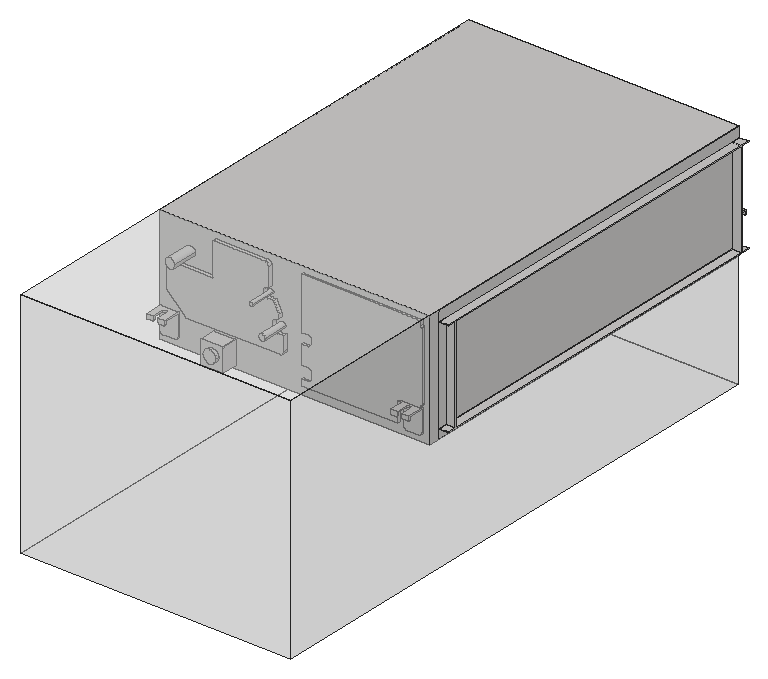
Revit family "outputfile", category 機械設備, Revit 2024
Family settings
  丸型コネクタ寸法 = 半径を使用
  パーツ タイプ = 標準
  OmniClass 番号 = 23.75.10.24.21.27.27
  OmniClass タイトル = Split System Air Conditioning Units
  作業面ベース = いいえ
  常に垂直 = はい
  ロード時にボイドで切り取り = いいえ
  注釈の向きを維持 = いいえ
  共有 = いいえ
  部屋計算ポイント = はい
Parameters (values of type "FXMQ140BFV24")
  Description = ""
  製造元 = "Daikin"
  書き出し IFC クラス(タイプ) = "IfcUnitaryEquipmentType"
  定義済み IFC タイプ(タイプ) = "AIRCONDITIONINGUNIT"
  Cost = 0
  モデル = "FXMQ140BFV24"
  Type Comments = ""
  Keynote = ""
  Type Image = (empty or 0)
  Assembly Code = ""
  w_dischargeflange = 805.0 mm
  w_suctionflange = 970.0 mm
  r_Liquid Pipe Size = Liquid Pipe Size / 2  # 4.75 mm
  r_Gas Pipe Size = Gas Pipe Size / 2  # 7.95 mm
  r_Drain Pipe Size = Drain Pipe Size / 2  # 12.5 mm
  lw_powersupply = 380.0 mm  # constant formula
  lw_mountinghole_pitch = 631.0 mm  # constant formula
  lw_mountinghole = 27.0 mm  # constant formula
  lw_maintenacesocket = 169.0 mm  # constant formula
  lw_liquidpipe = 290.0 mm  # constant formula
  lw_gaspipe = 318.0 mm  # constant formula
  lw_drainpipe = 80.0 mm  # constant formula
  lh_dischargeflange = 165.0 mm  # constant formula
  lh_powersupply = 56.0 mm  # constant formula
  lh_maintenacesocket = 40.0 mm  # constant formula
  lh_liquidpipe = 212.0 mm  # constant formula
  lh_gaspipe = 144.0 mm  # constant formula
  lh_drainpipe = 232.0 mm  # constant formula
  lh_suctionflange = 150.0 mm  # constant formula
  lh_antena = Height - lh_mountinghole + 1.0 mm  # 221.0 mm
  ld_dischargeflange = 435.0 mm
  ld_powersupply = Depth / 2  # 500.0 mm
  ld_mountinghole_pitch = 1038.0 mm
  ld_suctionflange = 513.0 mm
  h_dischargeflange = 265.0 mm  # constant formula
  lh_mountinghole = 80.0 mm  # constant formula
  h_mountinghole = [h***] + lh_mountinghole  # 80.0 mm
  h_suctionflange = 297.0 mm  # constant formula
  h*** = 0.0 mm  # constant formula
  d_dischargeflange = 25.0 mm  # constant formula
  d_pipe = 65.0 mm
  d_suctionflange = 25.0 mm  # constant formula
  Width = 700.0 mm
  Voltage_comment_50Hz = "220-240"
  Voltage_50Hz = 230 V
  Version = "ver.1.0"
  Unit Type = "Outdoor Air Processing Unit"
  Unit Mass Weight = 36.00 kg
  Unit Designation [instance] = ""
  Uniclass2015Version = "Products v1.30"
  Uniclass2015Title = "Variable refrigerant flow units"
  Uniclass2015Code = "Pr_70_65_03_94"
  URL = ""
  Total Cooling Capacity [instance] = 0.000 kW
  Supply Air Direction [instance] = yes
  Sound Pressure Level_M speed (dBA) = 34
  Sound Pressure Level_L speed (dBA) = 25
  Sound Pressure Level_H speed (dBA) = 41
  Sound Power Level_H speed (dB) = 0
  Series = "VRV Fan Coil Unit"
  Sensible Cooling Capacity [instance] = 0.000 kW
  SA Duct Size Width = 760.0 mm
  SA Duct Size Height = 215.0 mm
  Refrigerant Type = "R410A"
  Power Input (Cooling) = 0.100 kW
  Phase_50Hz = 1
  Option Accessory 3 [instance] = ""
  Option Accessory 2 [instance] = ""
  Option Accessory 1 [instance] = ""
  OA Duct Size Width = 925.0 mm
  OA Duct Size Height = 247.0 mm
  Nominal Cooling Capacity = 16.000 kW
  Minimum External Static Pressure = 50.00 Pa
  Minimum Circuit Amps_50Hz = 1.75 A
  Minimum Airflow = 618.00 m³/h
  Median Airflow = 924.00 m³/h
  Maximum Fuse Amps_50Hz = 16.0 A
  Maximum External Static Pressure = 200.00 Pa
  Maximum Airflow = 1230.00 m³/h
  Material_Casing = DAIKIN_GalvanizedSteel_Casing_indoorunit
  Load Classification = HVAC
  Liquid Pipe Size = 9.5 mm
  Link_Nested Family [instance] = ""
  IfcVersion = "0"
  IfcExportType = "AIRCONDITIONINGUNIT"
  IfcExportAs = "IfcUnitaryEquipmentType"
  Height = 300.0 mm
  Heat Exchanger Type = "Cross Fin Coil"
  Gas Pipe Size = 15.9 mm
  Frequency_50Hz = 50 Hz
  Fan Type = "Sirocco Fan"
  Fan Drive = "Direct Drive"
  FCU Tag No. [instance] = ""
  Drain Pipe Size = 25.0 mm
  Design Supply Airflow [instance] = 0.00 m³/h
  Design Outdoor Airflow [instance] = 0.00 m³/h
  Design External Static Pressure [instance] = 0.00 Pa
  Depth = 1000.0 mm
  既定の高さ = 0.0 mm
  Cooling Entering Wet Bulb Temperature [instance] = 0.00 °C
  Cooling Entering Dry Bulb Temperature [instance] = 0.00 °C
  Cooling Ambient Wet Bulb Temperature [instance] = 0.00 °C
  Cooling Ambient Dry Bulb Temperature [instance] = 0.00 °C
  Clearance visibility [instance] = yes
  Clearance Top = 0.0 mm
  Clearance Right = 0.0 mm
  Clearance Rear = 0.0 mm
  Clearance Left = 0.0 mm
  Clearance Front = 450.0 mm
  Clearance Bottom = 300.0 mm
Reference planes
  plane 1 "Center (Front/Back)": y = 0
  plane 2: z = 0
  plane 3 "Center (Left/Right)": x = 0
  plane 4 "Back": y = 500
  plane 5 "Front": y = -500
  plane 6 "Left": x = -350
  plane 7 "Right": x = 350
  plane 8 "Top": z = 0
  plane 9 "Bottom": z = -300
  plane 10: y = 500
  plane 11: y = -950
  plane 12: x = 350
  plane 13: x = -350
  plane 14: z = 0
  plane 15: z = -600
  plane 16: y = -506
  plane 17: y = -510
  plane 18: y = -541
  plane 19: y = -549
  plane 20: y = -565
  plane 21 "ld_drainpipe": x = -270
  plane 22 "ld_liquidpipe": x = -60
  plane 23 "ld_gaspipe": x = -32
  plane 24 "lh_gaspipe": z = -156
  plane 25 "lh_drainpipe": z = -68
  plane 26 "lh_liquidpipe": z = -88
  plane 27 "h_mountinghole": z = -220
  plane 28: x = -323
  plane 29: x = 308
  plane 30: y = 519
  plane 31: y = -519
  plane 32 "lh_powersuply": z = -244
  plane 33 "ld_powersupply": x = 30
  plane 34 "lh_suctionflange": z = -150
  plane 35 "ld_suctionflange": y = 13
  plane 36 "ld_dischargeflange": y = 65
  plane 37 "lh_dischargeflange": z = -135
  plane 38 "lh_maintenacesocket": z = -260
  plane 39 "lw_maintenacesocket": x = -181
Forms (mm)
  Extrusion 1, solid, material "DAIKIN_GalvanizedSteel_Casing_indoorunit" <- "Material_Casing"
    sketch origin (0, 0, 0) x (1, 0, 0) y (0, 0, 1)
      loop
        line (-350, 0) -> (-350, -300) -> (350, -300) -> (350, 0) -> (-350, 0)
    from -500 to 500
  Extrusion 2, solid, material "DAIKIN_GalvanizedSteel_Casing_indoorunit" <- "Material_Casing"
    sketch origin (0, 0, 0) x (1, 0, 0) y (0, 0, 1)
      loop
        line (23.104, -151.299) -> (41.1, -151.326)
        arc (41.1, -151.326) -> (46.767, -153.673) -> (49.114, -159.34) r 8.015
        line (49.114, -159.34) -> (49.104, -169.302)
        arc (49.104, -169.302) -> (46.761, -174.959) -> (41.104, -177.302) r 8
        line (41.104, -177.302) -> (23.104, -177.302) -> (23.104, -227.302) -> (41.104, -227.302)
        arc (41.104, -227.302) -> (46.761, -229.645) -> (49.104, -235.302) r 8
        line (49.104, -235.302) -> (49.104, -251.302)
        arc (49.104, -251.302) -> (46.761, -256.959) -> (41.104, -259.302) r 8
        line (41.104, -259.302) -> (23.104, -259.302) -> (23.104, -274.802) -> (271.104, -274.802) -> (271.104, -224.802)
        arc (271.104, -224.802) -> (272.568, -221.266) -> (276.104, -219.802) r 5
        line (276.104, -219.802) -> (327.104, -219.802)
        spline (327.104, -219.802) -> (327.496, -219.776) -> (327.88, -219.7) -> (328.252, -219.574) -> (328.604, -219.4) -> (328.93, -219.182) -> (329.225, -218.923) -> (329.484, -218.628) -> (329.702, -218.302) -> (329.876, -217.95) -> (330.002, -217.578) -> (330.078, -217.194) -> (330.104, -216.802)
        line (330.104, -216.802) -> (330.104, -213) -> (332, -213)
        arc (332, -213) -> (334.121, -212.121) -> (335, -210) r 3
        line (335, -210) -> (335, -32)
        arc (335, -32) -> (334.121, -29.879) -> (332, -29) r 3
        line (332, -29) -> (330.104, -29) -> (330.104, -15.8) -> (23.104, -15.8) -> (23.104, -151.299)
    from 500 to 506
  Extrusion 3, solid, material "DAIKIN_GalvanizedSteel_Casing_indoorunit" <- "Material_Casing"
    sketch origin (0, 0, 0) x (1, 0, 0) y (0, 0, 1)
      loop
        line (-70, -15.8) -> (-201, -15.8)
        arc (-201, -15.8) -> (-203.121, -16.679) -> (-204, -18.8) r 3
        line (-204, -18.8) -> (-204, -102) -> (-321, -102)
        arc (-321, -102) -> (-323.121, -102.879) -> (-324, -105) r 3
        line (-324, -105) -> (-324, -167.757)
        arc (-324, -167.757) -> (-323.772, -168.905) -> (-323.121, -169.879) r 3
        line (-323.121, -169.879) -> (-274.879, -218.121)
        arc (-274.879, -218.121) -> (-273.905, -218.772) -> (-272.757, -219) r 3
        line (-272.757, -219) -> (-30, -219)
        arc (-30, -219) -> (-22.929, -216.071) -> (-20, -209) r 10
        line (-20, -209) -> (-20, -172.5) -> (-26.169, -172.5)
        arc (-26.169, -172.5) -> (-49.051, -159.94) -> (-34, -138.615) r 17.5
        line (-34, -138.615) -> (-34, -127.5) -> (-47, -100.5) -> (-56.429, -100.5)
        arc (-56.429, -100.5) -> (-72.874, -89.803) -> (-60, -75) r 13
        line (-60, -75) -> (-60, -25.8)
        arc (-60, -25.8) -> (-62.929, -18.729) -> (-70, -15.8) r 10
    from 510 to 500
  Extrusion 4, solid, material "DAIKIN_GalvanizedSteel_Casing_indoorunit" <- "Material_Casing"
    sketch origin (0, 0, 0) x (1, 0, 0) y (0, 0, 1)
      loop
        line (-209.102, -232.7) -> (-209.102, -292.398) -> (-152.898, -292.398) -> (-152.898, -232.7)
        arc (-152.898, -232.7) -> (-153.133, -232.133) -> (-153.7, -231.898) r 0.802
        line (-153.7, -231.898) -> (-208.298, -231.898)
        arc (-208.298, -231.898) -> (-208.865, -232.133) -> (-209.102, -232.7) r 0.802
    from 500 to 541
  Extrusion 5, solid, material "DAIKIN_GalvanizedSteel_Casing_indoorunit" <- "Material_Casing"
    sketch origin (0, 0, 0) x (1, 0, 0) y (0, 0, 1)
      loop
        circle (-181, -260) r 16.5
    from 541 to 549
  Extrusion 6, solid, material "DAIKIN_GalvanizedSteel_Casing_indoorunit" <- "Material_Casing"
    sketch origin (0, 0, 0) x (1, 0, 0) y (0, 0, 1)
      loop
        circle (-270, -68) r 12.5
      loop
        circle (-60, -88) r 4.75
      loop
        circle (-32, -156) r 7.95
    from 500 to 565
Dimensions and locks
  "Height": plane 8 "Top" to plane 9 "Bottom"
  equal spacing: plane 6 "Left", plane 3 "Center (Left/Right)", plane 7 "Right", locked at 350 each
  "Width": plane 6 "Left" to plane 7 "Right"
  equal spacing: plane 4 "Back", plane 1 "Center (Front/Back)", plane 5 "Front"
  "Depth": plane 4 "Back" to plane 5 "Front"
  "Clearance Left": plane 13 to plane 6 "Left"
  "Clearance Right": plane 7 "Right" to plane 12
  "Clearance Rear": plane 10 to plane 4 "Back"
  "Clearance Front": plane 5 "Front" to plane 11
  "Clearance Top": plane 14 to plane 8 "Top"
  "Clearance Bottom": plane 9 "Bottom" to plane 15
  Extrusion 2 sketch curve to Extrusion 2 sketch curve to Extrusion 2 sketch curve = 307.0 mm locked, 4.896 mm locked
  Extrusion 2 sketch curve to Extrusion 2 sketch curve to Extrusion 2 sketch curve to Extrusion 2 sketch curve to Extrusion 2 sketch curve = 26.0 mm locked, 222.0 mm locked, 59.0 mm locked, 4.896 mm locked
  locked: Extrusion 2 sketch curve to Extrusion 2 sketch curve at 26.01
  locked: Extrusion 2 sketch curve to nested 1 at 23.104
  locked: Extrusion 2 sketch curve to plane 3 "Center (Left/Right)" at 23.104
  plane 3 "Center (Left/Right)" to Extrusion 2 sketch curve = 23.104 mm
  Extrusion 2 sketch curve to Extrusion 2 sketch curve to Extrusion 2 sketch curve to Extrusion 2 sketch curve to Extrusion 2 sketch curve = 161.502 mm locked, 50.0 mm locked, 32.0 mm locked, 15.5 mm locked
  locked: Extrusion 2 sketch curve to Extrusion 2 sketch curve at 68.127
  locked: Extrusion 2 sketch curve to Extrusion 2 sketch curve at 13.2
  locked: Extrusion 2 sketch curve to Extrusion 2 sketch curve at 6.802
  locked: Extrusion 2 sketch curve to Extrusion 2 sketch curve at 55
  locked: plane 5 "Front" to plane 16 at 6
  locked: plane 5 "Front" to plane 17 at 10
  locked: plane 5 "Front" to plane 18 at 41
  "d_pipe": plane 5 "Front" to plane 20
  "lw_drainpipe": plane 6 "Left" to plane 21 "ld_drainpipe"
  "lw_liquidpipe": plane 6 "Left" to plane 22 "ld_liquidpipe"
  "lw_gaspipe": plane 6 "Left" to plane 23 "ld_gaspipe"
  "lh_gaspipe": plane 24 "lh_gaspipe" to plane 9 "Bottom"
  "lh_liquidpipe": plane 26 "lh_liquidpipe" to plane 9 "Bottom"
  "lh_drainpipe": plane 25 "lh_drainpipe" to plane 9 "Bottom"
  "lh_mountinghole": plane 27 "h_mountinghole" to plane 9 "Bottom"
  "lw_mountinghole": plane 6 "Left" to plane 28
  "lw_mountinghole_pitch": plane 28 to plane 29
  equal spacing: plane 30, plane 1 "Center (Front/Back)", plane 31
  "ld_mountinghole_pitch": plane 30 to plane 31
  locked: Extrusion 3 sketch curve to plane 6 "Left" at 146
  locked: Extrusion 3 sketch curve to plane 6 "Left" at 290
  locked: plane 6 "Left" to Extrusion 3 sketch curve at 26
  locked: Extrusion 3 sketch curve to plane 6 "Left" at 316
  locked: Extrusion 3 sketch curve to plane 6 "Left" at 330
  locked: Extrusion 3 sketch curve to plane 9 "Bottom" at 81
  locked: Extrusion 3 sketch curve to plane 9 "Bottom" at 284.2
  locked: Extrusion 3 sketch curve to plane 9 "Bottom" at 199.5
  locked: Extrusion 3 sketch curve to plane 9 "Bottom" at 127.5
  locked: Extrusion 3 sketch curve to plane 9 "Bottom" at 198
  "lh_powersupply": plane 32 "lh_powersuply" to plane 9 "Bottom"
  "lw_powersupply": plane 6 "Left" to plane 33 "ld_powersupply"
  "lh_suctionflange": plane 34 "lh_suctionflange" to plane 9 "Bottom"
  "ld_suctionflange": plane 35 "ld_suctionflange" to plane 5 "Front"
  "ld_dischargeflange": plane 4 "Back" to plane 36 "ld_dischargeflange"
  "lh_dischargeflange": plane 37 "lh_dischargeflange" to plane 9 "Bottom"
  locked: plane 5 "Front" to plane 19 at 49
  "lh_maintenacesocket": plane 38 "lh_maintenacesocket" to plane 9 "Bottom"
  "lw_maintenacesocket": plane 6 "Left" to plane 39 "lw_maintenacesocket"
  equal spacing: Extrusion 4 sketch curve, plane 39 "lw_maintenacesocket", Extrusion 4 sketch curve
  locked: Extrusion 4 sketch curve to Extrusion 4 sketch curve at 56.204
  Extrusion 4 sketch curve to plane 38 "lh_maintenacesocket" to Extrusion 4 sketch curve = 28.102 mm locked, 32.398 mm locked
  "r_Drain Pipe Size": radius of Extrusion 6 sketch curve
  "r_Liquid Pipe Size": radius of Extrusion 6 sketch curve
  "r_Gas Pipe Size": radius of Extrusion 6 sketch curve
  aligned and locked: level to plane 2
  aligned and locked: Extrusion 1 sketch curve to plane 8 "Top"
  aligned and locked: plane 6 "Left" to Extrusion 1 sketch curve
  aligned and locked: plane 9 "Bottom" to Extrusion 1 sketch curve
  aligned and locked: Extrusion 1 sketch curve to plane 7 "Right"
  aligned and locked: plane 4 "Back" to Extrusion 1
  aligned and locked: Extrusion 1 to plane 5 "Front"
  aligned and locked: plane 10 to nested 1
  aligned and locked: plane 11 to nested 1
  aligned and locked: plane 12 to nested 1
  aligned and locked: nested 1 to plane 13
  aligned and locked: plane 15 to nested 1
  aligned and locked: plane 14 to nested 1
  aligned and locked: Extrusion 2 to plane 16
  aligned and locked: plane 5 "Front" to Extrusion 2
  aligned and locked: Extrusion 4 to plane 18
  aligned and locked: plane 5 "Front" to Extrusion 4
  aligned and locked: Extrusion 5 to plane 19
  aligned and locked: plane 18 to Extrusion 5
  aligned and locked: plane 25 "lh_drainpipe" to Extrusion 6 sketch curve
  aligned and locked: plane 21 "ld_drainpipe" to Extrusion 6 sketch curve
  aligned and locked: plane 26 "lh_liquidpipe" to Extrusion 6 sketch curve
  aligned and locked: plane 22 "ld_liquidpipe" to Extrusion 6 sketch curve
  aligned and locked: plane 23 "ld_gaspipe" to Extrusion 6 sketch curve
  aligned and locked: plane 24 "lh_gaspipe" to Extrusion 6 sketch curve
  aligned and locked: Extrusion 6 to plane 20
  aligned and locked: plane 5 "Front" to Extrusion 6
  aligned and locked: nested 2 to plane 5 "Front"
  aligned and locked: nested 2 to plane 21 "ld_drainpipe"
  aligned and locked: plane 25 "lh_drainpipe" to nested 2
  aligned and locked: nested 3 to plane 5 "Front"
  aligned and locked: nested 4 to plane 5 "Front"
  aligned and locked: plane 26 "lh_liquidpipe" to nested 3
  aligned and locked: plane 24 "lh_gaspipe" to nested 4
  aligned and locked: plane 29 to nested 5
  aligned and locked: plane 4 "Back" to nested 5
  aligned and locked: plane 27 "h_mountinghole" to nested 5
  aligned and locked: plane 28 to nested 6
  aligned and locked: plane 4 "Back" to nested 6
  aligned and locked: plane 27 "h_mountinghole" to nested 6
  aligned and locked: nested 7 to plane 29
  aligned and locked: plane 5 "Front" to nested 7
  aligned and locked: plane 5 "Front" to nested 8
  aligned and locked: nested 8 to plane 28
  aligned and locked: nested 7 to plane 27 "h_mountinghole"
  aligned and locked: nested 8 to plane 27 "h_mountinghole"
  aligned and locked: Extrusion 3 to plane 17
  aligned and locked: plane 5 "Front" to Extrusion 3
  aligned and locked: nested 11 to plane 28
  aligned and locked: nested 11 to plane 30
  aligned and locked: nested 12 to plane 29
  aligned and locked: nested 12 to plane 30
  aligned and locked: nested 9 to plane 29
  aligned and locked: plane 31 to nested 9
  aligned and locked: nested 10 to plane 28
  aligned and locked: plane 31 to nested 10
  aligned and locked: nested 13 to plane 32 "lh_powersuply"
  aligned and locked: plane 1 "Center (Front/Back)" to nested 14
  aligned and locked: nested 14 to plane 3 "Center (Left/Right)"
  aligned and locked: plane 34 "lh_suctionflange" to nested 15
  aligned and locked: plane 7 "Right" to nested 15
  aligned and locked: plane 35 "ld_suctionflange" to nested 15
  aligned and locked: nested 16 to plane 36 "ld_dischargeflange"
  aligned and locked: nested 16 to plane 6 "Left"
  aligned and locked: plane 37 "lh_dischargeflange" to nested 16
  aligned and locked: nested 17 to plane 6 "Left"
  aligned and locked: nested 17 to plane 36 "ld_dischargeflange"
  aligned and locked: plane 7 "Right" to nested 18
  aligned and locked: plane 35 "ld_suctionflange" to nested 18
  aligned and locked: nested 18 to plane 34 "lh_suctionflange"
  aligned and locked: nested 17 to plane 37 "lh_dischargeflange"
  aligned and locked: plane 38 "lh_maintenacesocket" to Extrusion 5 sketch curve
  aligned and locked: plane 39 "lw_maintenacesocket" to Extrusion 5 sketch curve
  aligned and locked: nested 3 to plane 22 "ld_liquidpipe"
  aligned and locked: nested 4 to plane 23 "ld_gaspipe"
  aligned and locked: nested 13 to plane 33 "ld_powersupply"
  aligned and locked: level to plane 8 "Top"
Automatic sketch dimensions
  Extrusion 2 sketch curve to Extrusion 2 sketch curve = 0.027 mm
  Extrusion 2 sketch curve to Extrusion 2 sketch curve = 8.015 mm
  Extrusion 2 sketch curve to Extrusion 2 sketch curve = 8.01 mm
  Extrusion 2 sketch curve to Extrusion 2 sketch curve = 0.0 mm  (x4)
  Extrusion 2 sketch curve to Extrusion 2 sketch curve = 8.0 mm  (x3)
  Extrusion 2 sketch curve to Extrusion 2 sketch curve = 5.0 mm
  Extrusion 2 sketch curve to Extrusion 2 sketch curve = 3.0 mm  (x2)
  Extrusion 2 sketch curve to Extrusion 2 sketch curve = 1.896 mm  (x2)
  Extrusion 2 sketch curve to plane 8 "Top" = 15.8 mm
  Extrusion 4 sketch curve to Extrusion 4 sketch curve = 0.804 mm
  Extrusion 4 sketch curve to Extrusion 4 sketch curve = 0.802 mm  (x2)
  Extrusion 4 sketch curve to Extrusion 4 sketch curve = 0.0 mm
  plane 23 "ld_gaspipe" to Extrusion 3 sketch curve = 0.0 mm
  Extrusion 3 sketch curve to plane 24 "lh_gaspipe" = 0.0 mm
  Extrusion 3 sketch curve to plane 26 "lh_liquidpipe" = 0.0 mm
  plane 28 to Extrusion 3 sketch curve = 0.121 mm
  Extrusion 3 sketch curve to plane 28 = 2.0 mm  (x2)
  plane 21 "ld_drainpipe" to Extrusion 3 sketch curve = 4.879 mm
  plane 21 "ld_drainpipe" to Extrusion 3 sketch curve = 2.757 mm
  Extrusion 3 sketch curve to Extrusion 3 sketch curve = 3.0 mm  (x2)
  plane 22 "ld_liquidpipe" to Extrusion 3 sketch curve = 10.0 mm
  Extrusion 3 sketch curve to plane 22 "ld_liquidpipe" = 3.571 mm
  Extrusion 3 sketch curve to Extrusion 3 sketch curve = 9.429 mm
  Extrusion 3 sketch curve to plane 23 "ld_gaspipe" = 2.0 mm
  Extrusion 3 sketch curve to plane 23 "ld_gaspipe" = 5.831 mm
  Extrusion 3 sketch curve to plane 24 "lh_gaspipe" = 11.757 mm
  Extrusion 3 sketch curve to Extrusion 3 sketch curve = 11.115 mm
  radius of Extrusion 5 sketch curve = 16.5 mm
Nested families
  nested 1: "daikin_clearancespace" at (0, -225, -299.881), visible <- "Clearance visibility", show <- "Clearance visibility", Link_Nested Family <- "Link_Nested Family", type "daikin_clearancespace"
    with width 700.0 mm, show yes, height 600.0 mm, depth 1450.0 mm, Link_Nested Family ""
  nested 2: "daikin_connector_rotate2" at (-270, -500, -68), length <- "d_pipe", radius <- "r_Drain Pipe Size", type "daikin_connector_rotate2"
    with radius 12.5 mm, length 65.0 mm, angle_vertical 90.00°, show_face no
  nested 3: "daikin_connector_rotate2" at (-60, -500, -88), length <- "d_pipe", radius <- "r_Liquid Pipe Size", type "daikin_connector_rotate2"
    with radius 4.75 mm, length 65.0 mm, angle_vertical 90.00°, show_face no
  nested 4: "daikin_connector_rotate2" at (-32, -500, -156), length <- "d_pipe", radius <- "r_Gas Pipe Size", type "daikin_connector_rotate2"
    with radius 7.95 mm, length 65.0 mm, angle_vertical 90.00°, show_face no
  nested 5: "daikin_hangerfixture_FXMQ-BFV24" at (308, 500, -220) x (-1, 0, 0) z (0, 0, 1), type "daikin_hangerfixture_FXMQ-BFV24"
  nested 6: "daikin_hangerfixture_FXMQ-BFV24" at (-323, 500, -220) x (-1, 0, 0) z (0, 0, 1), type "daikin_hangerfixture_FXMQ-BFV24"
  nested 7: "daikin_hangerfixture_FXMQ-BFV24" at (308, -500, -220) x (-1, 0, 0) z (0, 0, 1), type "daikin_hangerfixture_FXMQ-BFV24"
  nested 8: "daikin_hangerfixture_FXMQ-BFV24" at (-323, -500, -220) x (-1, 0, 0) z (0, 0, 1), type "daikin_hangerfixture_FXMQ-BFV24"
  nested 9: "daikin_mountinghole" at (308, -519, -300), Link_Nested Family <- "Link_Nested Family", l_antenna <- "lh_antena", h_mountinghole <- "h_mountinghole", type "daikin_mountinghole"
    with show yes, l_antenna 221.0 mm, h_mountinghole 80.0 mm, Link_Nested Family ""
  nested 10: "daikin_mountinghole" at (-323, -519, -300), Link_Nested Family <- "Link_Nested Family", l_antenna <- "lh_antena", h_mountinghole <- "h_mountinghole", type "daikin_mountinghole"
    with show yes, l_antenna 221.0 mm, h_mountinghole 80.0 mm, Link_Nested Family ""
  nested 11: "daikin_mountinghole" at (-323, 519, -300), Link_Nested Family <- "Link_Nested Family", l_antenna <- "lh_antena", h_mountinghole <- "h_mountinghole", type "daikin_mountinghole"
    with show yes, l_antenna 221.0 mm, h_mountinghole 80.0 mm, Link_Nested Family ""
  nested 12: "daikin_mountinghole" at (308, 519, -300), Link_Nested Family <- "Link_Nested Family", l_antenna <- "lh_antena", h_mountinghole <- "h_mountinghole", type "daikin_mountinghole"
    with show yes, l_antenna 221.0 mm, h_mountinghole 80.0 mm, Link_Nested Family ""
  nested 13: "daikin_connector_rotate2" at (30, 0, -244), length <- "ld_powersupply", type "daikin_connector_rotate2"
    with radius 10.0 mm, length 500.0 mm, angle_vertical 90.00°, show_face no
  nested 14: "daikin_△_symbolicline" at (0, 0, 300) x (0, -1, 0) z (0, 0, 1), visible <- "Supply Air Direction", built-in parameter 1001364 <- "Height", type "daikin_△_symbolicline"
    with length 300.0 mm
  nested 15: "daikin_ductflange_FXMQ-BFV24" at (350, 13, -298.5) x (0, 1, 0) z (0, 0, 1), depth <- "d_suctionflange", height <- "h_suctionflange", width <- "w_suctionflange", material <- "Material_Casing", type "daikin_ductflange_FXMQ-BFV24"
    with width 970.0 mm, top1 25.0 mm, right1 22.5 mm, material DAIKIN_GalvanizedSteel_Casing_indoorunit, left1 22.5 mm, height 297.0 mm, depth 25.0 mm, Bottom1 25.0 mm
  nested 16: "daikin_ductflange_FXMQ-BFV24" at (-350, 65, -267.5) x (0, -1, 0) z (0, 0, 1), material <- "Material_Casing", depth <- "d_dischargeflange", height <- "h_dischargeflange", width <- "w_dischargeflange", type "daikin_ductflange_FXMQ-BFV24"
    with width 805.0 mm, top1 25.0 mm, right1 22.5 mm, material DAIKIN_GalvanizedSteel_Casing_indoorunit, left1 22.5 mm, height 265.0 mm, depth 25.0 mm, Bottom1 25.0 mm
  nested 17: "daikin_connector_rotate2" at (-350, 65, -135) x (0, -1, 0) z (0, 0, 1), length <- "d_dischargeflange", type "daikin_connector_rotate2"
    with radius 10.0 mm, length 25.0 mm, angle_vertical 90.00°, show_face no
  nested 18: "daikin_connector_rotate2" at (350, 13, -150) x (0, 1, 0) z (0, 0, 1), length <- "d_suctionflange", type "daikin_connector_rotate2"
    with radius 10.0 mm, length 25.0 mm, angle_vertical 90.00°, show_face no
Connectors
  piping at (-270, -565, -68), diameter 25, driven by "r_Drain Pipe Size"
    settings: on nested 2, index 1, connector inside diameter 609.6 mm, connector length 0.0 mm, flow factor 0, pipe flow 0.00 m³/h, pressure drop 0.0 Pa, fitting loss kfactor 0, connector angle 0.00°, fixture units 0, engagement length 0.0 mm, angle of deflection 0.00°, flow configuration 1, flow direction 2, fitting loss method 4, system type 16, joint type 0, gender type 0, connector reference index -1, connector utility 0, adjustable connector no, is connector primary yes, connector description "Condensate Drain Piping"
  piping at (-60, -565, -88), diameter 9.5, driven by "r_Liquid Pipe Size"
    settings: on nested 3, index 2, connector inside diameter 609.6 mm, connector length 0.0 mm, flow factor 0, pipe flow 0.00 m³/h, pressure drop 0.0 Pa, fitting loss kfactor 0, connector angle 0.00°, fixture units 0, engagement length 0.0 mm, angle of deflection 0.00°, flow configuration 1, flow direction 1, fitting loss method 0, system type 29, joint type 0, gender type 0, connector reference index -1, connector utility 0, adjustable connector no, is connector primary no, connector description "Refrigerant Liquid Piping"
  piping at (-32, -565, -156), diameter 15.9, driven by "r_Gas Pipe Size"
    settings: on nested 4, index 3, connector inside diameter 609.6 mm, connector length 0.0 mm, flow factor 0, pipe flow 0.00 m³/h, pressure drop 0.0 Pa, fitting loss kfactor 0, connector angle 0.00°, fixture units 0, engagement length 0.0 mm, angle of deflection 0.00°, flow configuration 1, flow direction 2, fitting loss method 0, system type 29, joint type 0, gender type 0, connector reference index -1, connector utility 0, adjustable connector no, is connector primary no, connector description "Refrigerant Gas Piping"
  electrical at (30, -500, -244), driven by "Load Classification"
    settings: on nested 13, index 4, voltage 0 V, apparent load 0 VA, apparent load phase1 0 VA, apparent load phase2 0 VA, apparent load phase3 0 VA, power factor 1, load classification "HVAC", number of poles 1, system type 30, power factor state 1, is connector primary yes, connector utility no, sub classification motor no, connector description "Power Supply"
  hvac at (375, 13, -150), driven by "OA Duct Size Height", driven by "OA Duct Size Width"
    settings: on nested 15, index 5, duct flow 0.00 m³/h, flow factor 0, pres drop 0.00 Pa, loss coef 0, conn angle 0.00°, conn width 925.0 mm, conn height 247.0 mm, conn diameter 609.6 mm, duct sys type 1, conn prof type 1, flow config 0, flow direction 1, loss method 4, conn ref index -1, conn util no, is conn primary no, conn desc "OA Duct"
  hvac at (-375, 65, -135), driven by "SA Duct Size Height", driven by "SA Duct Size Width"
    settings: on nested 16, index 6, duct flow 0.00 m³/h, flow factor 0, pres drop 0.00 Pa, loss coef 0, conn angle 0.00°, conn width 760.0 mm, conn height 215.0 mm, conn diameter 609.6 mm, duct sys type 1, conn prof type 1, flow config 0, flow direction 2, loss method 4, conn ref index -1, conn util no, is conn primary yes, conn desc "SA Duct"
Definition of nested family "daikin_clearancespace"
  Parameters (values of type "daikin_clearancespace")
    width [instance] = 1823.963 mm
    show [instance] = yes
    material = none
    height [instance] = 1359.762 mm
    depth [instance] = 880.0 mm
    Default Elevation = 0.0 mm
    Link_Nested Family [instance] = ""
  Reference planes
    plane 1 "Center (Front/Back)": y = 0
    plane 2 "Center (Elevation)": z = -0.119
    plane 3 "Center (Left/Right)": x = 0
    plane 4: y = 440
    plane 5: y = -440
    plane 6 "Right": x = 911.982
    plane 7 "Left": x = -911.982
    plane 8 "Top": z = 679.762
    plane 9 "Bottom": z = -680
  Forms (mm)
    Extrusion 1, solid, material <- "material", visible <- "show"
      sketch origin (0, 0, 0) x (1, 0, 0) y (0, 1, 0)
        loop
          line (-911.982, 440) -> (-911.982, -440) -> (911.982, -440) -> (911.982, 440) -> (-911.982, 440)
      from -680 to 679.762
  Lines and regions (mm)
    symbolic lines, visible <- "show"
      curve 1: line (911.982, 440, 0) -> (-911.982, 440, 0)
      curve 2: line (-911.982, 440, 0) -> (-911.982, -440, 0)
      curve 3: line (-911.982, -440, 0) -> (911.982, -440, 0)
      curve 4: line (911.982, -440, 0) -> (911.982, 440, 0)
      curve 5: line (911.982, 0, 679.762) -> (-911.982, 0, 679.762)
      curve 6: line (911.982, 0, -680) -> (911.982, 0, 679.762)
      curve 7: line (-911.982, 0, -680) -> (911.982, 0, -680)
      curve 8: line (-911.982, 0, 679.762) -> (-911.982, 0, -680)
      curve 9: line (0, 440, 679.762) -> (0, -440, 679.762)
      curve 10: line (0, -440, 679.762) -> (0, -440, -680)
      curve 11: line (0, 440, -680) -> (0, 440, 679.762)
      curve 12: line (0, -440, -680) -> (0, 440, -680)
  Dimensions and locks
    "width": plane 7 "Left" to plane 6 "Right"
    "depth": plane 4 to plane 5
    "height": plane 8 "Top" to plane 9 "Bottom"
    equal spacing: plane 7 "Left", plane 3 "Center (Left/Right)", plane 6 "Right"
    equal spacing: plane 4, plane 1 "Center (Front/Back)", plane 5
    equal spacing: plane 8 "Top", plane 2 "Center (Elevation)", plane 9 "Bottom"
    aligned and locked: level to plane 2 "Center (Elevation)"
    aligned and locked: Extrusion 1 sketch curve to plane 4
    aligned and locked: plane 7 "Left" to Extrusion 1 sketch curve
    aligned and locked: Extrusion 1 sketch curve to plane 5
    aligned and locked: Extrusion 1 sketch curve to plane 6 "Right"
    aligned and locked: plane 8 "Top" to Extrusion 1
    aligned and locked: curve 1 to Extrusion 1
    aligned and locked: curve 2 to Extrusion 1
    aligned and locked: curve 3 to Extrusion 1
    aligned and locked: curve 4 to Extrusion 1
    aligned and locked: curve 5 to Extrusion 1
    aligned and locked: curve 6 to Extrusion 1
    aligned and locked: curve 7 to Extrusion 1
    aligned and locked: curve 8 to Extrusion 1
    aligned and locked: curve 9 to Extrusion 1
    aligned and locked: curve 10 to Extrusion 1
    aligned and locked: curve 11 to Extrusion 1
    aligned and locked: curve 12 to Extrusion 1
    aligned and locked: Extrusion 1 to plane 9 "Bottom"
Definition of nested family "daikin_hangerfixture_FXMQ-BFV24"
  Parameters (values of type "daikin_hangerfixture_CeilingMountedDuct")
    width = 48.0 mm
    material = none
    height = 65.0 mm
    depth = 45.0 mm
    Default Elevation = 0.0 mm
  Reference planes
    plane 1 "Center (Front/Back)": y = 0
    plane 2: z = 0
    plane 3 "Center (Left/Right)": x = 0
    plane 4: y = 417.146
    plane 5: y = -45
    plane 6: x = -24
    plane 7: x = 24
    plane 8: z = -2.3
    plane 9: z = -65
    plane 10: y = -2.3
    plane 11: z = -12
    plane 12: y = -42.7
  Forms (mm)
    Extrusion 1, solid, material <- "material"
      sketch origin (0, 0, 0) x (1, 0, 0) y (0, 1, 0)
        loop
          line (24, 0) -> (-24, 0) -> (-24, -45) -> (-6, -45) -> (-6, -19)
          arc (-6, -19) -> (0, -13) -> (6, -19) r 6
          line (6, -19) -> (6, -45) -> (24, -45) -> (24, 0)
      from 0 to -2.3
    Extrusion 2, solid, material <- "material"
      sketch origin (0, 0, 0) x (1, 0, 0) y (0, 0, 1)
        loop
          line (24, -55) -> (24, 0) -> (-24, 0) -> (-24, -55)
          arc (-24, -55) -> (-21.071, -62.071) -> (-14, -65) r 10
          line (-14, -65) -> (14, -65)
          arc (14, -65) -> (21.071, -62.071) -> (24, -55) r 10
      from 0 to 2.3
    Extrusion 3, solid, material <- "material"
      sketch origin (0, 0, 0) x (1, 0, 0) y (0, 0, 1)
        loop
          line (-6, -9) -> (-6, 0) -> (-24, 0) -> (-24, -9)
          arc (-24, -9) -> (-23.121, -11.121) -> (-21, -12) r 3
          line (-21, -12) -> (-9, -12)
          arc (-9, -12) -> (-6.879, -11.121) -> (-6, -9) r 3
        loop
          line (6, 0) -> (6, -9)
          arc (6, -9) -> (6.879, -11.121) -> (9, -12) r 3
          line (9, -12) -> (21, -12)
          arc (21, -12) -> (23.121, -11.121) -> (24, -9) r 3
          line (24, -9) -> (24, 0) -> (6, 0)
      from 42.7 to 45
  Cuts and joins
    joined: Extrusion 1, Extrusion 2, Extrusion 3
  Dimensions and locks
    "width": plane 6 to plane 7
    "depth": plane 5 to plane 1 "Center (Front/Back)"
    plane 2 to plane 8 = 2.3 mm
    "height": plane 2 to plane 9
    locked: plane 10 to plane 1 "Center (Front/Back)" at 2.3
    locked: plane 2 to plane 11 at 12
    locked: plane 12 to plane 5 at 2.3
    aligned and locked: level to plane 2
    aligned and locked: Extrusion 1 sketch curve to plane 1 "Center (Front/Back)"
    aligned and locked: plane 7 to Extrusion 1
    aligned and locked: Extrusion 1 to plane 6
    aligned and locked: Extrusion 1 to plane 5  (x2)
    aligned and locked: Extrusion 1 to plane 8
    aligned and locked: plane 2 to Extrusion 1
    aligned and locked: plane 2 to Extrusion 2 sketch curve
    aligned and locked: Extrusion 2 to plane 9
    aligned and locked: Extrusion 2 to plane 10
    aligned and locked: Extrusion 2 to plane 1 "Center (Front/Back)"
    aligned and locked: plane 2 to Extrusion 3 sketch curve  (x2)
    aligned and locked: Extrusion 3 to plane 11  (x2)
    aligned and locked: plane 12 to Extrusion 3
    aligned and locked: Extrusion 3 to plane 5
  Automatic sketch dimensions
    Extrusion 1 sketch curve to plane 6 = 0.0 mm
    Extrusion 1 sketch curve to plane 5 = 0.0 mm  (x2)
    Extrusion 1 sketch curve to plane 3 "Center (Left/Right)" = 0.0 mm
    Extrusion 1 sketch curve to plane 7 = 0.0 mm
    Extrusion 1 sketch curve to plane 3 "Center (Left/Right)" = 6.0 mm
    plane 1 "Center (Front/Back)" to Extrusion 1 sketch curve = 19.0 mm
    Extrusion 2 sketch curve to plane 7 = 0.0 mm
    Extrusion 2 sketch curve to plane 7 = 10.0 mm
    Extrusion 2 sketch curve to plane 8 = 52.7 mm
    plane 6 to Extrusion 2 sketch curve = 10.0 mm
    Extrusion 2 sketch curve to plane 6 = 0.0 mm
    Extrusion 3 sketch curve to plane 6 = 0.0 mm
    Extrusion 3 sketch curve to plane 7 = 0.0 mm
    Extrusion 3 sketch curve to Extrusion 3 sketch curve = 3.0 mm  (x2)
    Extrusion 3 sketch curve to plane 8 = 6.7 mm
    Extrusion 3 sketch curve to plane 3 "Center (Left/Right)" = 9.0 mm
    Extrusion 3 sketch curve to plane 3 "Center (Left/Right)" = 6.0 mm
    plane 3 "Center (Left/Right)" to Extrusion 3 sketch curve = 6.0 mm
    Extrusion 3 sketch curve to plane 7 = 3.0 mm
    Extrusion 3 sketch curve to plane 8 = 9.7 mm
Definition of nested family "daikin_ductflange_FXMQ-BFV24"
  Parameters (values of type "daikin_ductflange_CeilingMountedDuct")
    width [instance] = 670.0 mm
    right1 [instance] = 22.5 mm
    left1 [instance] = 22.5 mm
    Bottom1 [instance] = 25.0 mm
    material [instance] = none
    height [instance] = 272.0 mm
    depth [instance] = 25.0 mm
    top1 [instance] = 25.0 mm
    Default Elevation = 0.0 mm
  Reference planes
    plane 1 "Center (Front/Back)": y = 0
    plane 2: z = 0
    plane 3 "Center (Left/Right)": x = 0
    plane 4: y = -25
    plane 5: x = -335
    plane 6: x = 335
    plane 7 "Top": z = 272
    plane 8: y = -1
    plane 9: x = -312.5
    plane 10: x = 312.5
    plane 11: z = 247
    plane 12: z = 25
    plane 13 "Center (Elevation)": z = 136
  Forms (mm)
    Extrusion 1, solid, material <- "material"
      sketch origin (0, 0, 0) x (1, 0, 0) y (0, 0, 1)
        loop
          line (-335, 272) -> (-335, 0) -> (335, 0) -> (335, 272) -> (-335, 272)
        loop
          line (-312.5, 247) -> (-312.5, 25) -> (312.5, 25) -> (312.5, 247) -> (-312.5, 247)
      from 0 to 1
    Extrusion 2, solid, material <- "material"
      sketch origin (0, 0, 0) x (1, 0, 0) y (0, 1, 0)
        loop
          line (-312.5, -1) -> (-313.496, -1) -> (-313.496, -25) -> (-312.5, -25) -> (-312.5, -1)
        loop
          line (312.5, -1) -> (312.5, -25) -> (313.496, -25) -> (313.496, -1) -> (312.5, -1)
      from 25 to 247
    Extrusion 3, solid, material <- "material"
      sketch origin (0, 0, 0) x (0, 1, 0) y (0, 0, 1)
        loop
          line (-1, 247) -> (-1, 247.958) -> (-25, 247.958) -> (-25, 247) -> (-1, 247)
        loop
          line (-1, 25) -> (-25, 25) -> (-25, 24.042) -> (-1, 24.042) -> (-1, 25)
      from -335 to 335
  Cuts and joins
    joined: Extrusion 1, Extrusion 2, Extrusion 3
  Dimensions and locks
    "height": plane 7 "Top" to plane 2
    "width": plane 5 to plane 6
    equal spacing: plane 5, plane 3 "Center (Left/Right)", plane 6
    "depth": plane 1 "Center (Front/Back)" to plane 4
    locked: plane 8 to plane 1 "Center (Front/Back)" at 1
    "left1": plane 5 to plane 9
    "right1": plane 10 to plane 6
    locked: Extrusion 2 sketch curve to Extrusion 2 sketch curve at 0.996  (x2)
    "top1": plane 7 "Top" to plane 11
    "Bottom1": plane 12 to plane 2
    equal spacing: plane 7 "Top", plane 13 "Center (Elevation)", plane 2
    locked: Extrusion 3 sketch curve to Extrusion 2 at 0.958  (x2)
    aligned and locked: level to plane 2
    aligned and locked: Extrusion 1 sketch curve to plane 7 "Top"
    aligned and locked: plane 5 to Extrusion 1 sketch curve
    aligned and locked: Extrusion 1 sketch curve to plane 6
    aligned and locked: plane 2 to Extrusion 1 sketch curve
    aligned and locked: Extrusion 1 to plane 8
    aligned and locked: Extrusion 2 sketch curve to plane 8
    aligned and locked: Extrusion 2 sketch curve to plane 9
    aligned and locked: plane 8 to Extrusion 2 sketch curve
    aligned and locked: Extrusion 2 sketch curve to plane 10
    aligned and locked: plane 11 to Extrusion 2
    aligned and locked: Extrusion 2 to plane 12
    aligned and locked: plane 8 to Extrusion 3 sketch curve
    aligned and locked: Extrusion 3 sketch curve to plane 11
    aligned and locked: Extrusion 3 sketch curve to plane 8
    aligned and locked: Extrusion 3 sketch curve to plane 12
    aligned and locked: Extrusion 3 to plane 5
    aligned and locked: plane 6 to Extrusion 3
    aligned and locked: plane 4 to Extrusion 2 sketch curve
    aligned and locked: Extrusion 2 sketch curve to plane 4
    aligned and locked: plane 4 to Extrusion 3 sketch curve
    aligned and locked: Extrusion 3 sketch curve to plane 4
    aligned and locked: plane 9 to Extrusion 1 sketch curve
    aligned and locked: Extrusion 1 sketch curve to plane 10
    aligned and locked: plane 12 to Extrusion 1 sketch curve
    aligned and locked: Extrusion 1 sketch curve to plane 11
Definition of nested family "daikin_connector_rotate2"
  Parameters (values of type "daikin_connector_rotate2")
    show_face = yes
    radius [instance] = 10.0 mm
    length [instance] = 600.0 mm
    d_surface = 10.0 mm
    angle_vertical [instance] = 90.00°
    Default Elevation = 0.0 mm
  Reference planes
    plane 1 "Center (Front/Back)": y = 0
    plane 2: z = 0
    plane 3 "Center (Left/Right)": x = 0
  Forms (mm)
    Extrusion 1, solid, visible <- "show_face"
      sketch origin (0, -600, 0) x (1, 0, 0) y (0, 0, 1)
        loop
          circle (0, 0) r 10
      from 0 to -10
  Lines and regions (mm)
    reference lines
      curve 1: line (0, 0, 0) -> (0, -600, 0)
    symbolic lines
      curve 2: circle (0, 0, 0) r 5 normal (0, 0, 1)
    model lines, visible <- "show_face"
      curve 3: line (0, 0, 0) -> (0, -600, 0)
  Dimensions and locks
    "length": curve 1 to curve 1
    "length": curve 3 to curve 3
    "d_surface": Extrusion 1 to Extrusion 1
    "radius": radius of Extrusion 1 sketch curve
    "angle_vertical": angle curve 1 to plane 1 "Center (Front/Back)"
    "angle_vertical": angle curve 3 to plane 1 "Center (Front/Back)"
    aligned and locked: level to plane 2
    aligned and locked: plane 1 "Center (Front/Back)" to curve 1
    aligned and locked: plane 2 to curve 1
    aligned and locked: plane 1 "Center (Front/Back)" to curve 2
    aligned and locked: plane 3 "Center (Left/Right)" to curve 2
    aligned and locked: plane 1 "Center (Front/Back)" to curve 3
    aligned and locked: plane 2 to curve 3
    aligned and locked: Extrusion 1 to Extrusion 1
  Automatic sketch dimensions
    Extrusion 1 sketch curve to level = 0.0 mm
    Extrusion 1 sketch curve to plane 3 "Center (Left/Right)" = 0.0 mm
    radius of curve 2 = 5.0 mm
Definition of nested family "daikin_mountinghole"
  Parameters (values of type "daikin_mountinghole")
    Default Elevation = 1219.2 mm
    Type Comments = "mountinghole"
    show [instance] = yes
    material = none
    l_centerline = 100.0 mm
    l_antenna [instance] = 100.0 mm
    h_mountinghole [instance] = 0.0 mm
    d_circle = 30.0 mm
    Link_Nested Family [instance] = ""
  Reference planes
    plane 1 "Center (Front/Back)": y = 0
    plane 2: z = 0
    plane 3 "Center (Left/Right)": x = 0
    plane 4: y = 50
    plane 5: x = -50
    plane 6: x = 50
    plane 7: y = -50
    plane 8 "h_mountinghole": z = 0
    plane 9: z = 100
  Lines and regions (mm)
    model lines, detail levels fine
      curve 1: circle (0, 0, 0) r 15 normal (0, 0, 1)
      curve 2: line (-50, 0, 0) -> (50, 0, 0)
      curve 3: line (0, 50, 0) -> (0, -50, 0)
    symbolic lines, detail levels fine
      curve 4: circle (0, 0, 0) r 15 normal (0, 0, 1)
      curve 5: line (-50, 0, 0) -> (50, 0, 0)
      curve 6: line (0, 50, 0) -> (0, -50, 0)
    model lines
      curve 7: line (0, 0, 100) -> (0, 0, 0)
  Dimensions and locks
    equal spacing: plane 4, plane 1 "Center (Front/Back)", plane 7
    "l_centerline": plane 4 to plane 7
    equal spacing: plane 5, plane 3 "Center (Left/Right)", plane 6
    "l_centerline": plane 5 to plane 6
    "l_antenna": plane 9 to plane 8 "h_mountinghole"
    "h_mountinghole": plane 8 "h_mountinghole" to plane 2
    "d_circle": diameter of curve 1
    "d_circle": diameter of curve 4
    aligned and locked: level to plane 2
    aligned and locked: plane 1 "Center (Front/Back)" to curve 1
    aligned and locked: plane 3 "Center (Left/Right)" to curve 1
    aligned and locked: plane 1 "Center (Front/Back)" to curve 2
    aligned and locked: curve 3 to plane 3 "Center (Left/Right)"
    aligned and locked: plane 6 to curve 2
    aligned and locked: plane 5 to curve 2
    aligned and locked: plane 4 to curve 3
    aligned and locked: plane 7 to curve 3
    aligned and locked: plane 1 "Center (Front/Back)" to curve 4
    aligned and locked: plane 3 "Center (Left/Right)" to curve 4
    aligned and locked: plane 6 to curve 5
    aligned and locked: plane 5 to curve 5
    aligned and locked: plane 1 "Center (Front/Back)" to curve 5
    aligned and locked: plane 4 to curve 6
    aligned and locked: plane 7 to curve 6
    aligned and locked: curve 6 to plane 3 "Center (Left/Right)"
    aligned and locked: curve 7 to plane 3 "Center (Left/Right)"
    aligned and locked: plane 9 to curve 7
    aligned and locked: plane 8 "h_mountinghole" to curve 7
Definition of nested family "daikin_△_symbolicline"
  Parameters (values of type "daikin_△_symbolicline")
    length [instance] = 500.0 mm
    Default Elevation = 0.0 mm
  Reference planes
    plane 1 "Center (Front/Back)": y = 0
    plane 2: z = 0
    plane 3 "Center (Left/Right)": x = 0
  Lines and regions (mm)
    symbolic lines
      curve 1: line (0, -433.013, 0) -> (250, 0, 0)
      curve 2: line (250, 0, 0) -> (-250, 0, 0)
      curve 3: line (-250, 0, 0) -> (0, -433.013, 0)
  Dimensions and locks
    equal spacing: curve 3, plane 3 "Center (Left/Right)", curve 2
    "length": curve 3 to curve 2
    "length": curve 3 to curve 3
    "length": curve 1 to curve 1
    aligned and locked: level to plane 2
    aligned and locked: curve 2 to plane 1 "Center (Front/Back)"
    aligned and locked: plane 3 "Center (Left/Right)" to curve 3
